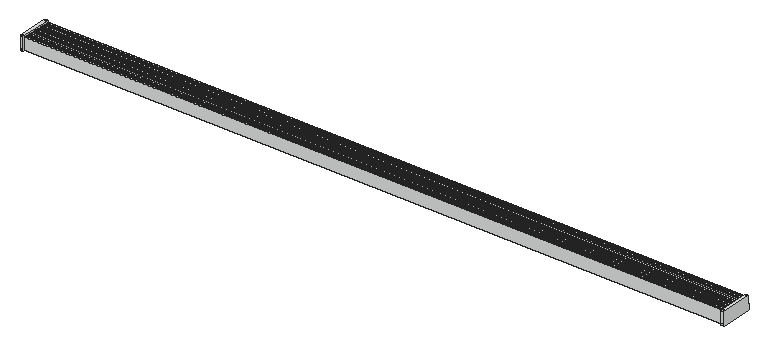
Revit family "Shower-Drain_Cover-KOHLER-Linear-K-80655", category Specialty Equipment, host Face, Revit 2017 (continued)
Definition of nested family "K-80655"
  Lines and regions (in)
    symbolic lines, detail levels medium+fine
      curve 1286: line (-9.63268, -0.05, 0) -> (-8.96988, -0.05, 0)
      curve 1287: line (-8.85806, 0.05, 0) -> (-8.85806, 0.19, 0)
      curve 1288: line (-8.29438, 1.15, 0) -> (-8.75866, 1.15, 0)
      curve 1289: line (-8.19526, 1.05088, 0) -> (-8.19526, 1.01, 0)
      curve 1290: arc (-8.19526, 1.05088, 0) -> (-8.22429, 1.12097, 0) -> (-8.29438, 1.15, 0) r 0.09912
      curve 1291: line (-8.19526, 0.91, 0) -> (-8.85806, 0.91, 0)
      curve 1292: line (-8.85806, 1.01, 0) -> (-8.19526, 1.01, 0)
      curve 1293: line (-8.19526, 0.91, 0) -> (-8.19526, 0.77, 0)
      curve 1294: line (-8.19526, 0.67, 0) -> (-8.19526, 0.53, 0)
      curve 1295: line (-8.85806, 0.77, 0) -> (-8.19526, 0.77, 0)
      curve 1296: line (-8.85806, 0.77, 0) -> (-8.85806, 0.91, 0)
      curve 1297: line (-8.85806, 0.67, 0) -> (-8.19526, 0.67, 0)
      curve 1298: line (-8.85806, 0.53, 0) -> (-8.19526, 0.53, 0)
      curve 1299: line (-8.19526, 0.43, 0) -> (-8.19526, 0.29, 0)
      curve 1300: line (-8.85806, 0.53, 0) -> (-8.85806, 0.67, 0)
      curve 1301: line (-8.85806, 0.29, 0) -> (-8.85806, 0.43, 0)
      curve 1302: line (-8.19526, 0.19, 0) -> (-8.19526, 0.05, 0)
      curve 1303: line (-8.85806, 0.29, 0) -> (-8.19526, 0.29, 0)
      curve 1304: line (-8.85806, 0.43, 0) -> (-8.19526, 0.43, 0)
      curve 1305: line (-8.85806, 0.19, 0) -> (-8.19526, 0.19, 0)
      curve 1306: line (-8.85806, 0.05, 0) -> (-8.19526, 0.05, 0)
      curve 1307: line (-8.85806, -0.05, 0) -> (-8.85806, -0.19, 0)
      curve 1308: line (-8.29438, -1.15, 0) -> (-8.75487, -1.15, 0)
      curve 1309: line (-8.19526, -1.05088, 0) -> (-8.19526, -1.01, 0)
      curve 1310: arc (-8.19526, -1.05088, 0) -> (-8.22429, -1.12097, 0) -> (-8.29438, -1.15, 0) r 0.09912
      curve 1311: line (-8.19526, -0.91, 0) -> (-8.85806, -0.91, 0)
      curve 1312: line (-8.85806, -1.01, 0) -> (-8.19526, -1.01, 0)
      curve 1313: line (-8.19526, -0.91, 0) -> (-8.19526, -0.77, 0)
      curve 1314: line (-8.19526, -0.67, 0) -> (-8.19526, -0.53, 0)
      curve 1315: line (-8.85806, -0.77, 0) -> (-8.19526, -0.77, 0)
      curve 1316: line (-8.85806, -0.77, 0) -> (-8.85806, -0.91, 0)
      curve 1317: line (-8.85806, -0.67, 0) -> (-8.19526, -0.67, 0)
      curve 1318: line (-8.85806, -0.53, 0) -> (-8.19526, -0.53, 0)
      curve 1319: line (-8.19526, -0.43, 0) -> (-8.19526, -0.29, 0)
      curve 1320: line (-8.85806, -0.53, 0) -> (-8.85806, -0.67, 0)
      curve 1321: line (-8.85806, -0.29, 0) -> (-8.85806, -0.43, 0)
      curve 1322: line (-8.19526, -0.19, 0) -> (-8.19526, -0.05, 0)
      curve 1323: line (-8.85806, -0.29, 0) -> (-8.19526, -0.29, 0)
      curve 1324: line (-8.85806, -0.43, 0) -> (-8.19526, -0.43, 0)
      curve 1325: line (-8.85806, -0.19, 0) -> (-8.19526, -0.19, 0)
      curve 1326: line (-8.85806, -0.05, 0) -> (-8.19526, -0.05, 0)
      curve 1327: line (-8.85806, 1.01, 0) -> (-8.85806, 1.05059, 0)
      curve 1328: arc (-8.85806, 1.05059, 0) -> (-8.82895, 1.12088, 0) -> (-8.75866, 1.15, 0) r 0.09941
      curve 1329: line (-8.85806, -1.01, 0) -> (-8.85806, -1.04681, 0)
      curve 1330: arc (-8.85806, -1.04681, 0) -> (-8.82784, -1.11978, 0) -> (-8.75487, -1.15, 0) r 0.10319
      curve 1331: line (-8.083, 0.05, 0) -> (-8.083, 0.19, 0)
      curve 1332: line (-7.51932, 1.15, 0) -> (-7.98359, 1.15, 0)
      curve 1333: line (-7.4202, 1.05088, 0) -> (-7.4202, 1.01, 0)
      curve 1334: arc (-7.4202, 1.05088, 0) -> (-7.44923, 1.12097, 0) -> (-7.51932, 1.15, 0) r 0.09912
      curve 1335: line (-7.4202, 0.91, 0) -> (-8.083, 0.91, 0)
      curve 1336: line (-8.083, 1.01, 0) -> (-7.4202, 1.01, 0)
      curve 1337: line (-7.4202, 0.91, 0) -> (-7.4202, 0.77, 0)
      curve 1338: line (-7.4202, 0.67, 0) -> (-7.4202, 0.53, 0)
      curve 1339: line (-8.083, 0.77, 0) -> (-7.4202, 0.77, 0)
      curve 1340: line (-8.083, 0.77, 0) -> (-8.083, 0.91, 0)
      curve 1341: line (-8.083, 0.67, 0) -> (-7.4202, 0.67, 0)
      curve 1342: line (-8.083, 0.53, 0) -> (-7.4202, 0.53, 0)
      curve 1343: line (-7.4202, 0.43, 0) -> (-7.4202, 0.29, 0)
      curve 1344: line (-8.083, 0.53, 0) -> (-8.083, 0.67, 0)
      curve 1345: line (-8.083, 0.29, 0) -> (-8.083, 0.43, 0)
      curve 1346: line (-7.4202, 0.19, 0) -> (-7.4202, 0.05, 0)
      curve 1347: line (-8.083, 0.29, 0) -> (-7.4202, 0.29, 0)
      curve 1348: line (-8.083, 0.43, 0) -> (-7.4202, 0.43, 0)
      curve 1349: line (-8.083, 0.19, 0) -> (-7.4202, 0.19, 0)
      curve 1350: line (-8.083, 0.05, 0) -> (-7.4202, 0.05, 0)
      curve 1351: line (-8.083, -0.05, 0) -> (-8.083, -0.19, 0)
      curve 1352: line (-7.51932, -1.15, 0) -> (-7.9798, -1.15, 0)
      curve 1353: line (-7.4202, -1.05088, 0) -> (-7.4202, -1.01, 0)
      curve 1354: arc (-7.4202, -1.05088, 0) -> (-7.44923, -1.12097, 0) -> (-7.51932, -1.15, 0) r 0.09912
      curve 1355: line (-7.4202, -0.91, 0) -> (-8.083, -0.91, 0)
      curve 1356: line (-8.083, -1.01, 0) -> (-7.4202, -1.01, 0)
      curve 1357: line (-7.4202, -0.91, 0) -> (-7.4202, -0.77, 0)
      curve 1358: line (-7.4202, -0.67, 0) -> (-7.4202, -0.53, 0)
      curve 1359: line (-8.083, -0.77, 0) -> (-7.4202, -0.77, 0)
      curve 1360: line (-8.083, -0.77, 0) -> (-8.083, -0.91, 0)
      curve 1361: line (-8.083, -0.67, 0) -> (-7.4202, -0.67, 0)
      curve 1362: line (-8.083, -0.53, 0) -> (-7.4202, -0.53, 0)
      curve 1363: line (-7.4202, -0.43, 0) -> (-7.4202, -0.29, 0)
      curve 1364: line (-8.083, -0.53, 0) -> (-8.083, -0.67, 0)
      curve 1365: line (-8.083, -0.29, 0) -> (-8.083, -0.43, 0)
      curve 1366: line (-7.4202, -0.19, 0) -> (-7.4202, -0.05, 0)
      curve 1367: line (-8.083, -0.29, 0) -> (-7.4202, -0.29, 0)
      curve 1368: line (-8.083, -0.43, 0) -> (-7.4202, -0.43, 0)
      curve 1369: line (-8.083, -0.19, 0) -> (-7.4202, -0.19, 0)
      curve 1370: line (-8.083, -0.05, 0) -> (-7.4202, -0.05, 0)
      curve 1371: line (-8.083, 1.01, 0) -> (-8.083, 1.05059, 0)
      curve 1372: arc (-8.083, 1.05059, 0) -> (-8.05388, 1.12088, 0) -> (-7.98359, 1.15, 0) r 0.09941
      curve 1373: line (-8.083, -1.01, 0) -> (-8.083, -1.04681, 0)
      curve 1374: arc (-8.083, -1.04681, 0) -> (-8.05277, -1.11978, 0) -> (-7.9798, -1.15, 0) r 0.10319
      curve 1375: line (-7.30747, 0.05, 0) -> (-7.30747, 0.19, 0)
      curve 1376: line (-6.74379, 1.15, 0) -> (-7.20806, 1.15, 0)
      curve 1377: line (-6.64467, 1.05088, 0) -> (-6.64467, 1.01, 0)
      curve 1378: arc (-6.64467, 1.05088, 0) -> (-6.6737, 1.12097, 0) -> (-6.74379, 1.15, 0) r 0.09912
      curve 1379: line (-6.64467, 0.91, 0) -> (-7.30747, 0.91, 0)
      curve 1380: line (-7.30747, 1.01, 0) -> (-6.64467, 1.01, 0)
      curve 1381: line (-6.64467, 0.91, 0) -> (-6.64467, 0.77, 0)
      curve 1382: line (-6.64467, 0.67, 0) -> (-6.64467, 0.53, 0)
      curve 1383: line (-7.30747, 0.77, 0) -> (-6.64467, 0.77, 0)
      curve 1384: line (-7.30747, 0.77, 0) -> (-7.30747, 0.91, 0)
      curve 1385: line (-7.30747, 0.67, 0) -> (-6.64467, 0.67, 0)
      curve 1386: line (-7.30747, 0.53, 0) -> (-6.64467, 0.53, 0)
      curve 1387: line (-6.64467, 0.43, 0) -> (-6.64467, 0.29, 0)
      curve 1388: line (-7.30747, 0.53, 0) -> (-7.30747, 0.67, 0)
      curve 1389: line (-7.30747, 0.29, 0) -> (-7.30747, 0.43, 0)
      curve 1390: line (-6.64467, 0.19, 0) -> (-6.64467, 0.05, 0)
      curve 1391: line (-7.30747, 0.29, 0) -> (-6.64467, 0.29, 0)
      curve 1392: line (-7.30747, 0.43, 0) -> (-6.64467, 0.43, 0)
      curve 1393: line (-7.30747, 0.19, 0) -> (-6.64467, 0.19, 0)
      curve 1394: line (-7.30747, 0.05, 0) -> (-6.64467, 0.05, 0)
      curve 1395: line (-7.30747, -0.05, 0) -> (-7.30747, -0.19, 0)
      curve 1396: line (-6.74379, -1.15, 0) -> (-7.20427, -1.15, 0)
      curve 1397: line (-6.64467, -1.05088, 0) -> (-6.64467, -1.01, 0)
      curve 1398: arc (-6.64467, -1.05088, 0) -> (-6.6737, -1.12097, 0) -> (-6.74379, -1.15, 0) r 0.09912
      curve 1399: line (-6.64467, -0.91, 0) -> (-7.30747, -0.91, 0)
      curve 1400: line (-7.30747, -1.01, 0) -> (-6.64467, -1.01, 0)
      curve 1401: line (-6.64467, -0.91, 0) -> (-6.64467, -0.77, 0)
      curve 1402: line (-6.64467, -0.67, 0) -> (-6.64467, -0.53, 0)
      curve 1403: line (-7.30747, -0.77, 0) -> (-6.64467, -0.77, 0)
      curve 1404: line (-7.30747, -0.77, 0) -> (-7.30747, -0.91, 0)
      curve 1405: line (-7.30747, -0.67, 0) -> (-6.64467, -0.67, 0)
      curve 1406: line (-7.30747, -0.53, 0) -> (-6.64467, -0.53, 0)
      curve 1407: line (-6.64467, -0.43, 0) -> (-6.64467, -0.29, 0)
      curve 1408: line (-7.30747, -0.53, 0) -> (-7.30747, -0.67, 0)
      curve 1409: line (-7.30747, -0.29, 0) -> (-7.30747, -0.43, 0)
      curve 1410: line (-6.64467, -0.19, 0) -> (-6.64467, -0.05, 0)
      curve 1411: line (-7.30747, -0.29, 0) -> (-6.64467, -0.29, 0)
      curve 1412: line (-7.30747, -0.43, 0) -> (-6.64467, -0.43, 0)
      curve 1413: line (-7.30747, -0.19, 0) -> (-6.64467, -0.19, 0)
      curve 1414: line (-7.30747, -0.05, 0) -> (-6.64467, -0.05, 0)
      curve 1415: line (-7.30747, 1.01, 0) -> (-7.30747, 1.05059, 0)
      curve 1416: arc (-7.30747, 1.05059, 0) -> (-7.27835, 1.12088, 0) -> (-7.20806, 1.15, 0) r 0.09941
      curve 1417: line (-7.30747, -1.01, 0) -> (-7.30747, -1.04681, 0)
      curve 1418: arc (-7.30747, -1.04681, 0) -> (-7.27724, -1.11978, 0) -> (-7.20427, -1.15, 0) r 0.10319
      curve 1419: line (-5.87023, 0.05, 0) -> (-5.87023, 0.19, 0)
      curve 1420: arc (-5.87023, 0.83109, 0) -> (-5.88197, 0.87565, 0) -> (-5.91268, 0.91, 0) r 0.09854
      curve 1421: arc (-5.97759, 1.01, 0) -> (-5.98052, 1.02893, 0) -> (-5.98127, 1.04807, 0) r 0.16707
      curve 1422: line (-6.43391, 1.15, 0) -> (-6.08134, 1.15, 0)
      curve 1423: arc (-6.53303, 1.05088, 0) -> (-6.504, 1.12097, 0) -> (-6.43391, 1.15, 0) r 0.09912
      curve 1424: arc (-6.08134, 1.15, 0) -> (-6.00992, 1.12003, 0) -> (-5.98127, 1.04807, 0) r 0.10009
      curve 1425: arc (-5.72688, 1.01, 0) -> (-5.81423, 1.13911, 0) -> (-5.90159, 1.01, 0) r 0.09411
      curve 1426: line (-5.75823, 0.05, 0) -> (-5.75823, 0.19, 0)
      curve 1427: arc (-5.75823, 0.83109, 0) -> (-5.74649, 0.87565, 0) -> (-5.71578, 0.91, 0) r 0.09854
      curve 1428: arc (-5.65087, 1.01, 0) -> (-5.64794, 1.02893, 0) -> (-5.64719, 1.04807, 0) r 0.16707
      curve 1429: line (-5.19455, 1.15, 0) -> (-5.54712, 1.15, 0)
      curve 1430: line (-5.09543, 1.05088, 0) -> (-5.09543, 1.01, 0)
      curve 1431: arc (-5.09543, 1.05088, 0) -> (-5.12446, 1.12097, 0) -> (-5.19455, 1.15, 0) r 0.09912
      curve 1432: arc (-5.54712, 1.15, 0) -> (-5.61854, 1.12003, 0) -> (-5.64719, 1.04807, 0) r 0.10009
      curve 1433: line (-5.09543, 0.91, 0) -> (-5.71578, 0.91, 0)
      curve 1434: line (-6.53303, 0.05, 0) -> (-6.53303, 0.19, 0)
      curve 1435: line (-6.53303, 1.01, 0) -> (-5.97759, 1.01, 0)
      curve 1436: line (-5.65087, 1.01, 0) -> (-5.09543, 1.01, 0)
      curve 1437: line (-5.90159, 1.01, 0) -> (-5.72688, 1.01, 0)
      curve 1438: line (-6.53303, 1.01, 0) -> (-6.53303, 1.05088, 0)
      curve 1439: line (-5.09543, 0.91, 0) -> (-5.09543, 0.77, 0)
      curve 1440: line (-6.53303, 0.77, 0) -> (-5.87023, 0.77, 0)
      curve 1441: line (-5.91268, 0.91, 0) -> (-6.53303, 0.91, 0)
      curve 1442: line (-5.09543, 0.67, 0) -> (-5.09543, 0.53, 0)
      curve 1443: line (-5.75823, 0.77, 0) -> (-5.09543, 0.77, 0)
      curve 1444: line (-5.87023, 0.77, 0) -> (-5.87023, 0.83109, 0)
      curve 1445: line (-5.75823, 0.77, 0) -> (-5.75823, 0.83109, 0)
      curve 1446: line (-6.53303, 0.77, 0) -> (-6.53303, 0.91, 0)
      curve 1447: line (-6.53303, 0.67, 0) -> (-5.87023, 0.67, 0)
      curve 1448: line (-6.53303, 0.53, 0) -> (-5.87023, 0.53, 0)
      curve 1449: line (-5.75823, 0.67, 0) -> (-5.09543, 0.67, 0)
      curve 1450: line (-5.75823, 0.53, 0) -> (-5.09543, 0.53, 0)
      curve 1451: line (-6.53303, 0.53, 0) -> (-6.53303, 0.67, 0)
      curve 1452: line (-5.09543, 0.43, 0) -> (-5.09543, 0.29, 0)
      curve 1453: line (-5.75823, 0.53, 0) -> (-5.75823, 0.67, 0)
      curve 1454: line (-5.87023, 0.53, 0) -> (-5.87023, 0.67, 0)
      curve 1455: line (-6.53303, 0.43, 0) -> (-5.87023, 0.43, 0)
      curve 1456: line (-6.53303, 0.29, 0) -> (-5.87023, 0.29, 0)
      curve 1457: line (-6.53303, 0.29, 0) -> (-6.53303, 0.43, 0)
      curve 1458: line (-5.87023, 0.29, 0) -> (-5.87023, 0.43, 0)
      curve 1459: line (-5.75823, 0.29, 0) -> (-5.75823, 0.43, 0)
      curve 1460: line (-5.09543, 0.19, 0) -> (-5.09543, 0.05, 0)
      curve 1461: line (-5.75823, 0.29, 0) -> (-5.09543, 0.29, 0)
      curve 1462: line (-5.75823, 0.43, 0) -> (-5.09543, 0.43, 0)
      curve 1463: line (-6.53303, 0.19, 0) -> (-5.87023, 0.19, 0)
      curve 1464: line (-6.53303, 0.05, 0) -> (-5.87023, 0.05, 0)
      curve 1465: line (-5.75823, 0.19, 0) -> (-5.09543, 0.19, 0)
      curve 1466: line (-5.75823, 0.05, 0) -> (-5.09543, 0.05, 0)
      curve 1467: line (-5.87023, -0.05, 0) -> (-5.87023, -0.19, 0)
      curve 1468: arc (-5.87023, -0.83109, 0) -> (-5.88197, -0.87565, 0) -> (-5.91268, -0.91, 0) r 0.09854
      curve 1469: arc (-5.97759, -1.01, 0) -> (-5.98052, -1.02893, 0) -> (-5.98127, -1.04807, 0) r 0.16707
      curve 1470: line (-6.43391, -1.15, 0) -> (-6.08134, -1.15, 0)
      curve 1471: arc (-6.53303, -1.05088, 0) -> (-6.504, -1.12097, 0) -> (-6.43391, -1.15, 0) r 0.09912
      curve 1472: arc (-6.08134, -1.15, 0) -> (-6.00992, -1.12003, 0) -> (-5.98127, -1.04807, 0) r 0.10009
      curve 1473: arc (-5.72688, -1.01, 0) -> (-5.81423, -1.13911, 0) -> (-5.90159, -1.01, 0) r 0.09411
      curve 1474: line (-5.75823, -0.05, 0) -> (-5.75823, -0.19, 0)
      curve 1475: arc (-5.75823, -0.83109, 0) -> (-5.74649, -0.87565, 0) -> (-5.71578, -0.91, 0) r 0.09854
      curve 1476: arc (-5.65087, -1.01, 0) -> (-5.64794, -1.02893, 0) -> (-5.64719, -1.04807, 0) r 0.16707
      curve 1477: line (-5.19455, -1.15, 0) -> (-5.54712, -1.15, 0)
      curve 1478: line (-5.09543, -1.05088, 0) -> (-5.09543, -1.01, 0)
      curve 1479: arc (-5.09543, -1.05088, 0) -> (-5.12446, -1.12097, 0) -> (-5.19455, -1.15, 0) r 0.09912
      curve 1480: arc (-5.54712, -1.15, 0) -> (-5.61854, -1.12003, 0) -> (-5.64719, -1.04807, 0) r 0.10009
      curve 1481: line (-5.09543, -0.91, 0) -> (-5.71578, -0.91, 0)
      curve 1482: line (-6.53303, -0.05, 0) -> (-6.53303, -0.19, 0)
      curve 1483: line (-6.53303, -1.01, 0) -> (-5.97759, -1.01, 0)
      curve 1484: line (-5.65087, -1.01, 0) -> (-5.09543, -1.01, 0)
      curve 1485: line (-5.90159, -1.01, 0) -> (-5.72688, -1.01, 0)
      curve 1486: line (-6.53303, -1.01, 0) -> (-6.53303, -1.05088, 0)
      curve 1487: line (-5.09543, -0.91, 0) -> (-5.09543, -0.77, 0)
      curve 1488: line (-6.53303, -0.77, 0) -> (-5.87023, -0.77, 0)
      curve 1489: line (-5.91268, -0.91, 0) -> (-6.53303, -0.91, 0)
      curve 1490: line (-5.09543, -0.67, 0) -> (-5.09543, -0.53, 0)
      curve 1491: line (-5.75823, -0.77, 0) -> (-5.09543, -0.77, 0)
      curve 1492: line (-5.87023, -0.77, 0) -> (-5.87023, -0.83109, 0)
      curve 1493: line (-5.75823, -0.77, 0) -> (-5.75823, -0.83109, 0)
      curve 1494: line (-6.53303, -0.77, 0) -> (-6.53303, -0.91, 0)
      curve 1495: line (-6.53303, -0.67, 0) -> (-5.87023, -0.67, 0)
      curve 1496: line (-6.53303, -0.53, 0) -> (-5.87023, -0.53, 0)
      curve 1497: line (-5.75823, -0.67, 0) -> (-5.09543, -0.67, 0)
      curve 1498: line (-5.75823, -0.53, 0) -> (-5.09543, -0.53, 0)
      curve 1499: line (-6.53303, -0.53, 0) -> (-6.53303, -0.67, 0)
      curve 1500: line (-5.09543, -0.43, 0) -> (-5.09543, -0.29, 0)
      curve 1501: line (-5.75823, -0.53, 0) -> (-5.75823, -0.67, 0)
      curve 1502: line (-5.87023, -0.53, 0) -> (-5.87023, -0.67, 0)
      curve 1503: line (-6.53303, -0.43, 0) -> (-5.87023, -0.43, 0)
      curve 1504: line (-6.53303, -0.29, 0) -> (-5.87023, -0.29, 0)
      curve 1505: line (-6.53303, -0.29, 0) -> (-6.53303, -0.43, 0)
      curve 1506: line (-5.87023, -0.29, 0) -> (-5.87023, -0.43, 0)
      curve 1507: line (-5.75823, -0.29, 0) -> (-5.75823, -0.43, 0)
      curve 1508: line (-5.09543, -0.19, 0) -> (-5.09543, -0.05, 0)
      curve 1509: line (-5.75823, -0.29, 0) -> (-5.09543, -0.29, 0)
      curve 1510: line (-5.75823, -0.43, 0) -> (-5.09543, -0.43, 0)
      curve 1511: line (-6.53303, -0.19, 0) -> (-5.87023, -0.19, 0)
      curve 1512: line (-6.53303, -0.05, 0) -> (-5.87023, -0.05, 0)
      curve 1513: line (-5.75823, -0.19, 0) -> (-5.09543, -0.19, 0)
      curve 1514: line (-5.75823, -0.05, 0) -> (-5.09543, -0.05, 0)
      curve 1515: line (-4.98361, 0.05, 0) -> (-4.98361, 0.19, 0)
      curve 1516: line (-4.41993, 1.15, 0) -> (-4.8842, 1.15, 0)
      curve 1517: line (-4.32081, 1.05088, 0) -> (-4.32081, 1.01, 0)
      curve 1518: arc (-4.32081, 1.05088, 0) -> (-4.34984, 1.12097, 0) -> (-4.41993, 1.15, 0) r 0.09912
      curve 1519: line (-4.32081, 0.91, 0) -> (-4.98361, 0.91, 0)
      curve 1520: line (-4.98361, 1.01, 0) -> (-4.32081, 1.01, 0)
      curve 1521: line (-4.32081, 0.91, 0) -> (-4.32081, 0.77, 0)
      curve 1522: line (-4.32081, 0.67, 0) -> (-4.32081, 0.53, 0)
      curve 1523: line (-4.98361, 0.77, 0) -> (-4.32081, 0.77, 0)
      curve 1524: line (-4.98361, 0.77, 0) -> (-4.98361, 0.91, 0)
      curve 1525: line (-4.98361, 0.67, 0) -> (-4.32081, 0.67, 0)
      curve 1526: line (-4.98361, 0.53, 0) -> (-4.32081, 0.53, 0)
      curve 1527: line (-4.32081, 0.43, 0) -> (-4.32081, 0.29, 0)
      curve 1528: line (-4.98361, 0.53, 0) -> (-4.98361, 0.67, 0)
      curve 1529: line (-4.98361, 0.29, 0) -> (-4.98361, 0.43, 0)
      curve 1530: line (-4.32081, 0.19, 0) -> (-4.32081, 0.05, 0)
      curve 1531: line (-4.98361, 0.29, 0) -> (-4.32081, 0.29, 0)
      curve 1532: line (-4.98361, 0.43, 0) -> (-4.32081, 0.43, 0)
      curve 1533: line (-4.98361, 0.19, 0) -> (-4.32081, 0.19, 0)
      curve 1534: line (-4.98361, 0.05, 0) -> (-4.32081, 0.05, 0)
      curve 1535: line (-4.98361, -0.05, 0) -> (-4.98361, -0.19, 0)
      curve 1536: line (-4.41993, -1.15, 0) -> (-4.88042, -1.15, 0)
      curve 1537: line (-4.32081, -1.05088, 0) -> (-4.32081, -1.01, 0)
      curve 1538: arc (-4.32081, -1.05088, 0) -> (-4.34984, -1.12097, 0) -> (-4.41993, -1.15, 0) r 0.09912
      curve 1539: line (-4.32081, -0.91, 0) -> (-4.98361, -0.91, 0)
      curve 1540: line (-4.98361, -1.01, 0) -> (-4.32081, -1.01, 0)
      curve 1541: line (-4.32081, -0.91, 0) -> (-4.32081, -0.77, 0)
      curve 1542: line (-4.32081, -0.67, 0) -> (-4.32081, -0.53, 0)
      curve 1543: line (-4.98361, -0.77, 0) -> (-4.32081, -0.77, 0)
      curve 1544: line (-4.98361, -0.77, 0) -> (-4.98361, -0.91, 0)
      curve 1545: line (-4.98361, -0.67, 0) -> (-4.32081, -0.67, 0)
      curve 1546: line (-4.98361, -0.53, 0) -> (-4.32081, -0.53, 0)
      curve 1547: line (-4.32081, -0.43, 0) -> (-4.32081, -0.29, 0)
      curve 1548: line (-4.98361, -0.53, 0) -> (-4.98361, -0.67, 0)
      curve 1549: line (-4.98361, -0.29, 0) -> (-4.98361, -0.43, 0)
      curve 1550: line (-4.32081, -0.19, 0) -> (-4.32081, -0.05, 0)
      curve 1551: line (-4.98361, -0.29, 0) -> (-4.32081, -0.29, 0)
      curve 1552: line (-4.98361, -0.43, 0) -> (-4.32081, -0.43, 0)
      curve 1553: line (-4.98361, -0.19, 0) -> (-4.32081, -0.19, 0)
      curve 1554: line (-4.98361, -0.05, 0) -> (-4.32081, -0.05, 0)
      curve 1555: line (-4.98361, 1.01, 0) -> (-4.98361, 1.05059, 0)
      curve 1556: arc (-4.98361, 1.05059, 0) -> (-4.95449, 1.12088, 0) -> (-4.8842, 1.15, 0) r 0.09941
      curve 1557: line (-4.98361, -1.01, 0) -> (-4.98361, -1.04681, 0)
      curve 1558: arc (-4.98361, -1.04681, 0) -> (-4.95339, -1.11978, 0) -> (-4.88042, -1.15, 0) r 0.10319
      curve 1559: line (-4.20855, 0.05, 0) -> (-4.20855, 0.19, 0)
      curve 1560: line (-3.64487, 1.15, 0) -> (-4.10914, 1.15, 0)
      curve 1561: line (-3.54575, 1.05088, 0) -> (-3.54575, 1.01, 0)
      curve 1562: arc (-3.54575, 1.05088, 0) -> (-3.57478, 1.12097, 0) -> (-3.64487, 1.15, 0) r 0.09912
      curve 1563: line (-3.54575, 0.91, 0) -> (-4.20855, 0.91, 0)
      curve 1564: line (-4.20855, 1.01, 0) -> (-3.54575, 1.01, 0)
      curve 1565: line (-3.54575, 0.91, 0) -> (-3.54575, 0.77, 0)
      curve 1566: line (-3.54575, 0.67, 0) -> (-3.54575, 0.53, 0)
      curve 1567: line (-4.20855, 0.77, 0) -> (-3.54575, 0.77, 0)
      curve 1568: line (-4.20855, 0.77, 0) -> (-4.20855, 0.91, 0)
      curve 1569: line (-4.20855, 0.67, 0) -> (-3.54575, 0.67, 0)
      curve 1570: line (-4.20855, 0.53, 0) -> (-3.54575, 0.53, 0)
      curve 1571: line (-3.54575, 0.43, 0) -> (-3.54575, 0.29, 0)
      curve 1572: line (-4.20855, 0.53, 0) -> (-4.20855, 0.67, 0)
      curve 1573: line (-4.20855, 0.29, 0) -> (-4.20855, 0.43, 0)
      curve 1574: line (-3.54575, 0.19, 0) -> (-3.54575, 0.05, 0)
      curve 1575: line (-4.20855, 0.29, 0) -> (-3.54575, 0.29, 0)
      curve 1576: line (-4.20855, 0.43, 0) -> (-3.54575, 0.43, 0)
      curve 1577: line (-4.20855, 0.19, 0) -> (-3.54575, 0.19, 0)
      curve 1578: line (-4.20855, 0.05, 0) -> (-3.54575, 0.05, 0)
      curve 1579: line (-4.20855, -0.05, 0) -> (-4.20855, -0.19, 0)
      curve 1580: line (-3.64487, -1.15, 0) -> (-4.10535, -1.15, 0)
      curve 1581: line (-3.54575, -1.05088, 0) -> (-3.54575, -1.01, 0)
      curve 1582: arc (-3.54575, -1.05088, 0) -> (-3.57478, -1.12097, 0) -> (-3.64487, -1.15, 0) r 0.09912
      curve 1583: line (-3.54575, -0.91, 0) -> (-4.20855, -0.91, 0)
      curve 1584: line (-4.20855, -1.01, 0) -> (-3.54575, -1.01, 0)
      curve 1585: line (-3.54575, -0.91, 0) -> (-3.54575, -0.77, 0)
      curve 1586: line (-3.54575, -0.67, 0) -> (-3.54575, -0.53, 0)
      curve 1587: line (-4.20855, -0.77, 0) -> (-3.54575, -0.77, 0)
      curve 1588: line (-4.20855, -0.77, 0) -> (-4.20855, -0.91, 0)
      curve 1589: line (-4.20855, -0.67, 0) -> (-3.54575, -0.67, 0)
      curve 1590: line (-4.20855, -0.53, 0) -> (-3.54575, -0.53, 0)
      curve 1591: line (-3.54575, -0.43, 0) -> (-3.54575, -0.29, 0)
      curve 1592: line (-4.20855, -0.53, 0) -> (-4.20855, -0.67, 0)
      curve 1593: line (-4.20855, -0.29, 0) -> (-4.20855, -0.43, 0)
      curve 1594: line (-3.54575, -0.19, 0) -> (-3.54575, -0.05, 0)
      curve 1595: line (-4.20855, -0.29, 0) -> (-3.54575, -0.29, 0)
      curve 1596: line (-4.20855, -0.43, 0) -> (-3.54575, -0.43, 0)
      curve 1597: line (-4.20855, -0.19, 0) -> (-3.54575, -0.19, 0)
      curve 1598: line (-4.20855, -0.05, 0) -> (-3.54575, -0.05, 0)
      curve 1599: line (-4.20855, 1.01, 0) -> (-4.20855, 1.05059, 0)
      curve 1600: arc (-4.20855, 1.05059, 0) -> (-4.17943, 1.12088, 0) -> (-4.10914, 1.15, 0) r 0.09941
      curve 1601: line (-4.20855, -1.01, 0) -> (-4.20855, -1.04681, 0)
      curve 1602: arc (-4.20855, -1.04681, 0) -> (-4.17832, -1.11978, 0) -> (-4.10535, -1.15, 0) r 0.10319
      curve 1603: line (-3.43301, 0.05, 0) -> (-3.43301, 0.19, 0)
      curve 1604: line (-2.86933, 1.15, 0) -> (-3.33361, 1.15, 0)
      curve 1605: line (-2.77021, 1.05088, 0) -> (-2.77021, 1.01, 0)
      curve 1606: arc (-2.77021, 1.05088, 0) -> (-2.79924, 1.12097, 0) -> (-2.86933, 1.15, 0) r 0.09912
      curve 1607: line (-2.77021, 0.91, 0) -> (-3.43301, 0.91, 0)
      curve 1608: line (-3.43301, 1.01, 0) -> (-2.77021, 1.01, 0)
      curve 1609: line (-2.77021, 0.91, 0) -> (-2.77021, 0.77, 0)
      curve 1610: line (-2.77021, 0.67, 0) -> (-2.77021, 0.53, 0)
      curve 1611: line (-3.43301, 0.77, 0) -> (-2.77021, 0.77, 0)
      curve 1612: line (-3.43301, 0.77, 0) -> (-3.43301, 0.91, 0)
      curve 1613: line (-3.43301, 0.67, 0) -> (-2.77021, 0.67, 0)
      curve 1614: line (-3.43301, 0.53, 0) -> (-2.77021, 0.53, 0)
      curve 1615: line (-2.77021, 0.43, 0) -> (-2.77021, 0.29, 0)
      curve 1616: line (-3.43301, 0.53, 0) -> (-3.43301, 0.67, 0)
      curve 1617: line (-3.43301, 0.29, 0) -> (-3.43301, 0.43, 0)
      curve 1618: line (-2.77021, 0.19, 0) -> (-2.77021, 0.05, 0)
      curve 1619: line (-3.43301, 0.29, 0) -> (-2.77021, 0.29, 0)
      curve 1620: line (-3.43301, 0.43, 0) -> (-2.77021, 0.43, 0)
      curve 1621: line (-3.43301, 0.19, 0) -> (-2.77021, 0.19, 0)
      curve 1622: line (-3.43301, 0.05, 0) -> (-2.77021, 0.05, 0)
      curve 1623: line (-3.43301, -0.05, 0) -> (-3.43301, -0.19, 0)
      curve 1624: line (-2.86933, -1.15, 0) -> (-3.32982, -1.15, 0)
      curve 1625: line (-2.77021, -1.05088, 0) -> (-2.77021, -1.01, 0)
      curve 1626: arc (-2.77021, -1.05088, 0) -> (-2.79924, -1.12097, 0) -> (-2.86933, -1.15, 0) r 0.09912
      curve 1627: line (-2.77021, -0.91, 0) -> (-3.43301, -0.91, 0)
      curve 1628: line (-3.43301, -1.01, 0) -> (-2.77021, -1.01, 0)
      curve 1629: line (-2.77021, -0.91, 0) -> (-2.77021, -0.77, 0)
      curve 1630: line (-2.77021, -0.67, 0) -> (-2.77021, -0.53, 0)
      curve 1631: line (-3.43301, -0.77, 0) -> (-2.77021, -0.77, 0)
      curve 1632: line (-3.43301, -0.77, 0) -> (-3.43301, -0.91, 0)
      curve 1633: line (-3.43301, -0.67, 0) -> (-2.77021, -0.67, 0)
      curve 1634: line (-3.43301, -0.53, 0) -> (-2.77021, -0.53, 0)
      curve 1635: line (-2.77021, -0.43, 0) -> (-2.77021, -0.29, 0)
      curve 1636: line (-3.43301, -0.53, 0) -> (-3.43301, -0.67, 0)
      curve 1637: line (-3.43301, -0.29, 0) -> (-3.43301, -0.43, 0)
      curve 1638: line (-2.77021, -0.19, 0) -> (-2.77021, -0.05, 0)
      curve 1639: line (-3.43301, -0.29, 0) -> (-2.77021, -0.29, 0)
      curve 1640: line (-3.43301, -0.43, 0) -> (-2.77021, -0.43, 0)
      curve 1641: line (-3.43301, -0.19, 0) -> (-2.77021, -0.19, 0)
      curve 1642: line (-3.43301, -0.05, 0) -> (-2.77021, -0.05, 0)
      curve 1643: line (-3.43301, 1.01, 0) -> (-3.43301, 1.05059, 0)
      curve 1644: arc (-3.43301, 1.05059, 0) -> (-3.4039, 1.12088, 0) -> (-3.33361, 1.15, 0) r 0.09941
      curve 1645: line (-3.43301, -1.01, 0) -> (-3.43301, -1.04681, 0)
      curve 1646: arc (-3.43301, -1.04681, 0) -> (-3.40279, -1.11978, 0) -> (-3.32982, -1.15, 0) r 0.10319
      curve 1647: line (-1.99286, 0.05, 0) -> (-1.99286, 0.19, 0)
      curve 1648: arc (-1.99286, 0.83109, 0) -> (-2.0046, 0.87565, 0) -> (-2.03531, 0.91, 0) r 0.09854
      curve 1649: arc (-2.10022, 1.01, 0) -> (-2.10315, 1.02893, 0) -> (-2.1039, 1.04807, 0) r 0.16707
      curve 1650: line (-2.55654, 1.15, 0) -> (-2.20397, 1.15, 0)
      curve 1651: arc (-2.65566, 1.05088, 0) -> (-2.62663, 1.12097, 0) -> (-2.55654, 1.15, 0) r 0.09912
      curve 1652: arc (-2.20397, 1.15, 0) -> (-2.13255, 1.12003, 0) -> (-2.1039, 1.04807, 0) r 0.10009
      curve 1653: arc (-1.84951, 1.01, 0) -> (-1.93686, 1.13911, 0) -> (-2.02422, 1.01, 0) r 0.09411
      curve 1654: line (-1.88086, 0.05, 0) -> (-1.88086, 0.19, 0)
      curve 1655: arc (-1.88086, 0.83109, 0) -> (-1.86912, 0.87565, 0) -> (-1.83841, 0.91, 0) r 0.09854
      curve 1656: arc (-1.7735, 1.01, 0) -> (-1.77057, 1.02893, 0) -> (-1.76982, 1.04807, 0) r 0.16707
      curve 1657: line (-1.31718, 1.15, 0) -> (-1.66975, 1.15, 0)
      curve 1658: line (-1.21806, 1.05088, 0) -> (-1.21806, 1.01, 0)
      curve 1659: arc (-1.21806, 1.05088, 0) -> (-1.24709, 1.12097, 0) -> (-1.31718, 1.15, 0) r 0.09912
      curve 1660: arc (-1.66975, 1.15, 0) -> (-1.74117, 1.12003, 0) -> (-1.76982, 1.04807, 0) r 0.10009
      curve 1661: line (-1.21806, 0.91, 0) -> (-1.83841, 0.91, 0)
      curve 1662: line (-2.65566, 0.05, 0) -> (-2.65566, 0.19, 0)
      curve 1663: line (-2.65566, 1.01, 0) -> (-2.10022, 1.01, 0)
      curve 1664: line (-1.7735, 1.01, 0) -> (-1.21806, 1.01, 0)
      curve 1665: line (-2.02422, 1.01, 0) -> (-1.84951, 1.01, 0)
      curve 1666: line (-2.65566, 1.01, 0) -> (-2.65566, 1.05088, 0)
      curve 1667: line (-1.21806, 0.91, 0) -> (-1.21806, 0.77, 0)
      curve 1668: line (-2.65566, 0.77, 0) -> (-1.99286, 0.77, 0)
      curve 1669: line (-2.03531, 0.91, 0) -> (-2.65566, 0.91, 0)
      curve 1670: line (-1.21806, 0.67, 0) -> (-1.21806, 0.53, 0)
      curve 1671: line (-1.88086, 0.77, 0) -> (-1.21806, 0.77, 0)
      curve 1672: line (-1.99286, 0.77, 0) -> (-1.99286, 0.83109, 0)
      curve 1673: line (-1.88086, 0.77, 0) -> (-1.88086, 0.83109, 0)
      curve 1674: line (-2.65566, 0.77, 0) -> (-2.65566, 0.91, 0)
      curve 1675: line (-2.65566, 0.67, 0) -> (-1.99286, 0.67, 0)
      curve 1676: line (-2.65566, 0.53, 0) -> (-1.99286, 0.53, 0)
      curve 1677: line (-1.88086, 0.67, 0) -> (-1.21806, 0.67, 0)
      curve 1678: line (-1.88086, 0.53, 0) -> (-1.21806, 0.53, 0)
      curve 1679: line (-2.65566, 0.53, 0) -> (-2.65566, 0.67, 0)
      curve 1680: line (-1.21806, 0.43, 0) -> (-1.21806, 0.29, 0)
      curve 1681: line (-1.88086, 0.53, 0) -> (-1.88086, 0.67, 0)
      curve 1682: line (-1.99286, 0.53, 0) -> (-1.99286, 0.67, 0)
      curve 1683: line (-2.65566, 0.43, 0) -> (-1.99286, 0.43, 0)
      curve 1684: line (-2.65566, 0.29, 0) -> (-1.99286, 0.29, 0)
      curve 1685: line (-2.65566, 0.29, 0) -> (-2.65566, 0.43, 0)
      curve 1686: line (-1.99286, 0.29, 0) -> (-1.99286, 0.43, 0)
      curve 1687: line (-1.88086, 0.29, 0) -> (-1.88086, 0.43, 0)
      curve 1688: line (-1.21806, 0.19, 0) -> (-1.21806, 0.05, 0)
      curve 1689: line (-1.88086, 0.29, 0) -> (-1.21806, 0.29, 0)
      curve 1690: line (-1.88086, 0.43, 0) -> (-1.21806, 0.43, 0)
      curve 1691: line (-2.65566, 0.19, 0) -> (-1.99286, 0.19, 0)
      curve 1692: line (-2.65566, 0.05, 0) -> (-1.99286, 0.05, 0)
      curve 1693: line (-1.88086, 0.19, 0) -> (-1.21806, 0.19, 0)
      curve 1694: line (-1.88086, 0.05, 0) -> (-1.21806, 0.05, 0)
      curve 1695: line (-1.99286, -0.05, 0) -> (-1.99286, -0.19, 0)
      curve 1696: arc (-1.99286, -0.83109, 0) -> (-2.0046, -0.87565, 0) -> (-2.03531, -0.91, 0) r 0.09854
      curve 1697: arc (-2.10022, -1.01, 0) -> (-2.10315, -1.02893, 0) -> (-2.1039, -1.04807, 0) r 0.16707
      curve 1698: line (-2.55654, -1.15, 0) -> (-2.20397, -1.15, 0)
      curve 1699: arc (-2.65566, -1.05088, 0) -> (-2.62663, -1.12097, 0) -> (-2.55654, -1.15, 0) r 0.09912
      curve 1700: arc (-2.20397, -1.15, 0) -> (-2.13255, -1.12003, 0) -> (-2.1039, -1.04807, 0) r 0.10009
      curve 1701: arc (-1.84951, -1.01, 0) -> (-1.93686, -1.13911, 0) -> (-2.02422, -1.01, 0) r 0.09411
      curve 1702: line (-1.88086, -0.05, 0) -> (-1.88086, -0.19, 0)
      curve 1703: arc (-1.88086, -0.83109, 0) -> (-1.86912, -0.87565, 0) -> (-1.83841, -0.91, 0) r 0.09854
      curve 1704: arc (-1.7735, -1.01, 0) -> (-1.77057, -1.02893, 0) -> (-1.76982, -1.04807, 0) r 0.16707
      curve 1705: line (-1.31718, -1.15, 0) -> (-1.66975, -1.15, 0)
      curve 1706: line (-1.21806, -1.05088, 0) -> (-1.21806, -1.01, 0)
      curve 1707: arc (-1.21806, -1.05088, 0) -> (-1.24709, -1.12097, 0) -> (-1.31718, -1.15, 0) r 0.09912
      curve 1708: arc (-1.66975, -1.15, 0) -> (-1.74117, -1.12003, 0) -> (-1.76982, -1.04807, 0) r 0.10009
      curve 1709: line (-1.21806, -0.91, 0) -> (-1.83841, -0.91, 0)
      curve 1710: line (-2.65566, -0.05, 0) -> (-2.65566, -0.19, 0)
      curve 1711: line (-2.65566, -1.01, 0) -> (-2.10022, -1.01, 0)
      curve 1712: line (-1.7735, -1.01, 0) -> (-1.21806, -1.01, 0)
      curve 1713: line (-2.02422, -1.01, 0) -> (-1.84951, -1.01, 0)
      curve 1714: line (-2.65566, -1.01, 0) -> (-2.65566, -1.05088, 0)
      curve 1715: line (-1.21806, -0.91, 0) -> (-1.21806, -0.77, 0)
      curve 1716: line (-2.65566, -0.77, 0) -> (-1.99286, -0.77, 0)
      curve 1717: line (-2.03531, -0.91, 0) -> (-2.65566, -0.91, 0)
      curve 1718: line (-1.21806, -0.67, 0) -> (-1.21806, -0.53, 0)
      curve 1719: line (-1.88086, -0.77, 0) -> (-1.21806, -0.77, 0)
      curve 1720: line (-1.99286, -0.77, 0) -> (-1.99286, -0.83109, 0)
      curve 1721: line (-1.88086, -0.77, 0) -> (-1.88086, -0.83109, 0)
      curve 1722: line (-2.65566, -0.77, 0) -> (-2.65566, -0.91, 0)
      curve 1723: line (-2.65566, -0.67, 0) -> (-1.99286, -0.67, 0)
      curve 1724: line (-2.65566, -0.53, 0) -> (-1.99286, -0.53, 0)
      curve 1725: line (-1.88086, -0.67, 0) -> (-1.21806, -0.67, 0)
      curve 1726: line (-1.88086, -0.53, 0) -> (-1.21806, -0.53, 0)
      curve 1727: line (-2.65566, -0.53, 0) -> (-2.65566, -0.67, 0)
      curve 1728: line (-1.21806, -0.43, 0) -> (-1.21806, -0.29, 0)
      curve 1729: line (-1.88086, -0.53, 0) -> (-1.88086, -0.67, 0)
      curve 1730: line (-1.99286, -0.53, 0) -> (-1.99286, -0.67, 0)
      curve 1731: line (-2.65566, -0.43, 0) -> (-1.99286, -0.43, 0)
      curve 1732: line (-2.65566, -0.29, 0) -> (-1.99286, -0.29, 0)
      curve 1733: line (-2.65566, -0.29, 0) -> (-2.65566, -0.43, 0)
      curve 1734: line (-1.99286, -0.29, 0) -> (-1.99286, -0.43, 0)
      curve 1735: line (-1.88086, -0.29, 0) -> (-1.88086, -0.43, 0)
      curve 1736: line (-1.21806, -0.19, 0) -> (-1.21806, -0.05, 0)
      curve 1737: line (-1.88086, -0.29, 0) -> (-1.21806, -0.29, 0)
      curve 1738: line (-1.88086, -0.43, 0) -> (-1.21806, -0.43, 0)
      curve 1739: line (-2.65566, -0.19, 0) -> (-1.99286, -0.19, 0)
      curve 1740: line (-2.65566, -0.05, 0) -> (-1.99286, -0.05, 0)
      curve 1741: line (-1.88086, -0.19, 0) -> (-1.21806, -0.19, 0)
      curve 1742: line (-1.88086, -0.05, 0) -> (-1.21806, -0.05, 0)
      curve 1743: line (-1.10624, 0.05, 0) -> (-1.10624, 0.19, 0)
      curve 1744: line (-0.54256, 1.15, 0) -> (-1.00683, 1.15, 0)
      curve 1745: line (-0.44344, 1.05088, 0) -> (-0.44344, 1.01, 0)
      curve 1746: arc (-0.44344, 1.05088, 0) -> (-0.47247, 1.12097, 0) -> (-0.54256, 1.15, 0) r 0.09912
      curve 1747: line (-0.44344, 0.91, 0) -> (-1.10624, 0.91, 0)
      curve 1748: line (-1.10624, 1.01, 0) -> (-0.44344, 1.01, 0)
      curve 1749: line (-0.44344, 0.91, 0) -> (-0.44344, 0.77, 0)
      curve 1750: line (-0.44344, 0.67, 0) -> (-0.44344, 0.53, 0)
      curve 1751: line (-1.10624, 0.77, 0) -> (-0.44344, 0.77, 0)
      curve 1752: line (-1.10624, 0.77, 0) -> (-1.10624, 0.91, 0)
      curve 1753: line (-1.10624, 0.67, 0) -> (-0.44344, 0.67, 0)
      curve 1754: line (-1.10624, 0.53, 0) -> (-0.44344, 0.53, 0)
      curve 1755: line (-0.44344, 0.43, 0) -> (-0.44344, 0.29, 0)
      curve 1756: line (-1.10624, 0.53, 0) -> (-1.10624, 0.67, 0)
      curve 1757: line (-1.10624, 0.29, 0) -> (-1.10624, 0.43, 0)
      curve 1758: line (-0.44344, 0.19, 0) -> (-0.44344, 0.05, 0)
      curve 1759: line (-1.10624, 0.29, 0) -> (-0.44344, 0.29, 0)
      curve 1760: line (-1.10624, 0.43, 0) -> (-0.44344, 0.43, 0)
      curve 1761: line (-1.10624, 0.19, 0) -> (-0.44344, 0.19, 0)
      curve 1762: line (-1.10624, 0.05, 0) -> (-0.44344, 0.05, 0)
      curve 1763: line (-1.10624, -0.05, 0) -> (-1.10624, -0.19, 0)
      curve 1764: line (-0.54256, -1.15, 0) -> (-1.00305, -1.15, 0)
      curve 1765: line (-0.44344, -1.05088, 0) -> (-0.44344, -1.01, 0)
      curve 1766: arc (-0.44344, -1.05088, 0) -> (-0.47247, -1.12097, 0) -> (-0.54256, -1.15, 0) r 0.09912
      curve 1767: line (-0.44344, -0.91, 0) -> (-1.10624, -0.91, 0)
      curve 1768: line (-1.10624, -1.01, 0) -> (-0.44344, -1.01, 0)
      curve 1769: line (-0.44344, -0.91, 0) -> (-0.44344, -0.77, 0)
      curve 1770: line (-0.44344, -0.67, 0) -> (-0.44344, -0.53, 0)
      curve 1771: line (-1.10624, -0.77, 0) -> (-0.44344, -0.77, 0)
      curve 1772: line (-1.10624, -0.77, 0) -> (-1.10624, -0.91, 0)
      curve 1773: line (-1.10624, -0.67, 0) -> (-0.44344, -0.67, 0)
      curve 1774: line (-1.10624, -0.53, 0) -> (-0.44344, -0.53, 0)
      curve 1775: line (-0.44344, -0.43, 0) -> (-0.44344, -0.29, 0)
      curve 1776: line (-1.10624, -0.53, 0) -> (-1.10624, -0.67, 0)
      curve 1777: line (-1.10624, -0.29, 0) -> (-1.10624, -0.43, 0)
      curve 1778: line (-0.44344, -0.19, 0) -> (-0.44344, -0.05, 0)
      curve 1779: line (-1.10624, -0.29, 0) -> (-0.44344, -0.29, 0)
      curve 1780: line (-1.10624, -0.43, 0) -> (-0.44344, -0.43, 0)
      curve 1781: line (-1.10624, -0.19, 0) -> (-0.44344, -0.19, 0)
      curve 1782: line (-1.10624, -0.05, 0) -> (-0.44344, -0.05, 0)
      curve 1783: line (-1.10624, 1.01, 0) -> (-1.10624, 1.05059, 0)
      curve 1784: arc (-1.10624, 1.05059, 0) -> (-1.07713, 1.12088, 0) -> (-1.00683, 1.15, 0) r 0.09941
      curve 1785: line (-1.10624, -1.01, 0) -> (-1.10624, -1.04681, 0)
      curve 1786: arc (-1.10624, -1.04681, 0) -> (-1.07602, -1.11978, 0) -> (-1.00305, -1.15, 0) r 0.10319
      curve 1787: line (-0.33118, 0.05, 0) -> (-0.33118, 0.19, 0)
      curve 1788: line (0.23177, 1.15, 0) -> (-0.23177, 1.15, 0)
      curve 1789: line (0.33118, 0.91, 0) -> (-0.33118, 0.91, 0)
      curve 1790: line (-0.33118, 1.01, 0) -> (0.33118, 1.01, 0)
      curve 1791: line (-0.33118, 0.77, 0) -> (0.33118, 0.77, 0)
      curve 1792: line (-0.33118, 0.77, 0) -> (-0.33118, 0.91, 0)
      curve 1793: line (-0.33118, 0.67, 0) -> (0.33118, 0.67, 0)
      curve 1794: line (-0.33118, 0.53, 0) -> (0.33118, 0.53, 0)
      curve 1795: line (-0.33118, 0.53, 0) -> (-0.33118, 0.67, 0)
      curve 1796: line (-0.33118, 0.29, 0) -> (-0.33118, 0.43, 0)
      curve 1797: line (-0.33118, 0.29, 0) -> (0.33118, 0.29, 0)
      curve 1798: line (-0.33118, 0.43, 0) -> (0.33118, 0.43, 0)
      curve 1799: line (-0.33118, 0.19, 0) -> (0.33118, 0.19, 0)
      curve 1800: line (-0.33118, 0.05, 0) -> (0.33118, 0.05, 0)
      curve 1801: line (-0.33118, -0.05, 0) -> (-0.33118, -0.19, 0)
      curve 1802: line (0.22798, -1.15, 0) -> (-0.22798, -1.15, 0)
      curve 1803: line (0.33118, -0.91, 0) -> (-0.33118, -0.91, 0)
      curve 1804: line (-0.33118, -1.01, 0) -> (0.33118, -1.01, 0)
      curve 1805: line (-0.33118, -0.77, 0) -> (0.33118, -0.77, 0)
      curve 1806: line (-0.33118, -0.77, 0) -> (-0.33118, -0.91, 0)
      curve 1807: line (-0.33118, -0.67, 0) -> (0.33118, -0.67, 0)
      curve 1808: line (-0.33118, -0.53, 0) -> (0.33118, -0.53, 0)
      curve 1809: line (-0.33118, -0.53, 0) -> (-0.33118, -0.67, 0)
      curve 1810: line (-0.33118, -0.29, 0) -> (-0.33118, -0.43, 0)
      curve 1811: line (-0.33118, -0.29, 0) -> (0.33118, -0.29, 0)
      curve 1812: line (-0.33118, -0.43, 0) -> (0.33118, -0.43, 0)
      curve 1813: line (-0.33118, -0.19, 0) -> (0.33118, -0.19, 0)
      curve 1814: line (-0.33118, -0.05, 0) -> (0.33118, -0.05, 0)
      curve 1815: line (-0.33118, 1.01, 0) -> (-0.33118, 1.05059, 0)
      curve 1816: arc (-0.33118, 1.05059, 0) -> (-0.30206, 1.12088, 0) -> (-0.23177, 1.15, 0) r 0.09941
      curve 1817: line (-0.33118, -1.01, 0) -> (-0.33118, -1.04681, 0)
      curve 1818: arc (-0.33118, -1.04681, 0) -> (-0.30095, -1.11978, 0) -> (-0.22798, -1.15, 0) r 0.10319
      curve 1819: line (0.33118, 0.05, 0) -> (0.33118, 0.19, 0)
      curve 1820: line (0.33118, 0.77, 0) -> (0.33118, 0.91, 0)
      curve 1821: line (0.33118, 0.53, 0) -> (0.33118, 0.67, 0)
      curve 1822: line (0.33118, 0.29, 0) -> (0.33118, 0.43, 0)
      curve 1823: line (0.33118, -0.05, 0) -> (0.33118, -0.19, 0)
      curve 1824: line (0.33118, -0.77, 0) -> (0.33118, -0.91, 0)
      curve 1825: line (0.33118, -0.53, 0) -> (0.33118, -0.67, 0)
      curve 1826: line (0.33118, -0.29, 0) -> (0.33118, -0.43, 0)
      curve 1827: line (0.33118, 1.01, 0) -> (0.33118, 1.05059, 0)
      curve 1828: arc (0.33118, 1.05059, 0) -> (0.30206, 1.12088, 0) -> (0.23177, 1.15, 0) r 0.09941
      curve 1829: line (0.33118, -1.01, 0) -> (0.33118, -1.04681, 0)
      curve 1830: arc (0.33118, -1.04681, 0) -> (0.30095, -1.11978, 0) -> (0.22798, -1.15, 0) r 0.10319
      curve 1831: line (29.1222, 0.05, 0) -> (29.1222, 0.19, 0)
      curve 1832: arc (29.1222, 0.83109, 0) -> (29.13394, 0.87565, 0) -> (29.16465, 0.91, 0) r 0.09854
      curve 1833: arc (29.22956, 1.01, 0) -> (29.23249, 1.02893, 0) -> (29.23324, 1.04807, 0) r 0.16707
      curve 1834: line (29.68588, 1.15, 0) -> (29.33331, 1.15, 0)
      curve 1835: arc (29.75, 1.12647, 0) -> (29.72003, 1.14393, 0) -> (29.68588, 1.15, 0) r 0.09912
      curve 1836: arc (29.33331, 1.15, 0) -> (29.26189, 1.12003, 0) -> (29.23324, 1.04807, 0) r 0.10009
      curve 1837: arc (28.97885, 1.01, 0) -> (29.0662, 1.13911, 0) -> (29.15355, 1.01, 0) r 0.09411
      curve 1838: line (29.0102, 0.05, 0) -> (29.0102, 0.19, 0)
      curve 1839: arc (29.0102, 0.83109, 0) -> (28.99846, 0.87565, 0) -> (28.96775, 0.91, 0) r 0.09854
      curve 1840: arc (28.90284, 1.01, 0) -> (28.89991, 1.02893, 0) -> (28.89916, 1.04807, 0) r 0.16707
      curve 1841: line (28.44652, 1.15, 0) -> (28.79909, 1.15, 0)
      curve 1842: line (28.3474, 1.05088, 0) -> (28.3474, 1.01, 0)
      curve 1843: arc (28.3474, 1.05088, 0) -> (28.37643, 1.12097, 0) -> (28.44652, 1.15, 0) r 0.09912
      curve 1844: arc (28.79909, 1.15, 0) -> (28.87051, 1.12003, 0) -> (28.89916, 1.04807, 0) r 0.10009
      curve 1845: line (28.3474, 0.91, 0) -> (28.96775, 0.91, 0)
      curve 1846: line (29.75, 0.05, 0) -> (29.75, 0.19, 0)
      curve 1847: line (29.75, 1.01, 0) -> (29.22956, 1.01, 0)
      curve 1848: line (28.90284, 1.01, 0) -> (28.3474, 1.01, 0)
      curve 1849: line (29.15355, 1.01, 0) -> (28.97885, 1.01, 0)
      curve 1850: line (29.75, 1.01, 0) -> (29.75, 1.12647, 0)
      curve 1851: line (28.3474, 0.91, 0) -> (28.3474, 0.77, 0)
      curve 1852: line (29.75, 0.77, 0) -> (29.1222, 0.77, 0)
      curve 1853: line (29.16465, 0.91, 0) -> (29.75, 0.91, 0)
      curve 1854: line (28.3474, 0.67, 0) -> (28.3474, 0.53, 0)
      curve 1855: line (29.0102, 0.77, 0) -> (28.3474, 0.77, 0)
      curve 1856: line (29.1222, 0.77, 0) -> (29.1222, 0.83109, 0)
      curve 1857: line (29.0102, 0.77, 0) -> (29.0102, 0.83109, 0)
      curve 1858: line (29.75, 0.77, 0) -> (29.75, 0.91, 0)
      curve 1859: line (29.75, 0.67, 0) -> (29.1222, 0.67, 0)
      curve 1860: line (29.75, 0.53, 0) -> (29.1222, 0.53, 0)
      curve 1861: line (29.0102, 0.67, 0) -> (28.3474, 0.67, 0)
      curve 1862: line (29.0102, 0.53, 0) -> (28.3474, 0.53, 0)
      curve 1863: line (29.75, 0.53, 0) -> (29.75, 0.67, 0)
      curve 1864: line (28.3474, 0.43, 0) -> (28.3474, 0.29, 0)
      curve 1865: line (29.0102, 0.53, 0) -> (29.0102, 0.67, 0)
      curve 1866: line (29.1222, 0.53, 0) -> (29.1222, 0.67, 0)
      curve 1867: line (29.75, 0.43, 0) -> (29.1222, 0.43, 0)
      curve 1868: line (29.75, 0.29, 0) -> (29.1222, 0.29, 0)
      curve 1869: line (29.75, 0.29, 0) -> (29.75, 0.43, 0)
      curve 1870: line (29.1222, 0.29, 0) -> (29.1222, 0.43, 0)
      curve 1871: line (29.0102, 0.29, 0) -> (29.0102, 0.43, 0)
      curve 1872: line (28.3474, 0.19, 0) -> (28.3474, 0.05, 0)
      curve 1873: line (29.0102, 0.29, 0) -> (28.3474, 0.29, 0)
      curve 1874: line (29.0102, 0.43, 0) -> (28.3474, 0.43, 0)
      curve 1875: line (29.75, 0.19, 0) -> (29.1222, 0.19, 0)
      curve 1876: line (29.75, 0.05, 0) -> (29.1222, 0.05, 0)
      curve 1877: line (29.0102, 0.19, 0) -> (28.3474, 0.19, 0)
      curve 1878: line (29.0102, 0.05, 0) -> (28.3474, 0.05, 0)
      curve 1879: line (29.1222, -0.05, 0) -> (29.1222, -0.19, 0)
      curve 1880: arc (29.1222, -0.83109, 0) -> (29.13394, -0.87565, 0) -> (29.16465, -0.91, 0) r 0.09854
      curve 1881: arc (29.22956, -1.01, 0) -> (29.23249, -1.02893, 0) -> (29.23324, -1.04807, 0) r 0.16707
      curve 1882: line (29.68588, -1.15, 0) -> (29.33331, -1.15, 0)
      curve 1883: arc (29.75, -1.12647, 0) -> (29.72003, -1.14393, 0) -> (29.68588, -1.15, 0) r 0.09912
      curve 1884: arc (29.33331, -1.15, 0) -> (29.26189, -1.12003, 0) -> (29.23324, -1.04807, 0) r 0.10009
      curve 1885: arc (28.97885, -1.01, 0) -> (29.0662, -1.13911, 0) -> (29.15355, -1.01, 0) r 0.09411
      curve 1886: line (29.0102, -0.05, 0) -> (29.0102, -0.19, 0)
      curve 1887: arc (29.0102, -0.83109, 0) -> (28.99846, -0.87565, 0) -> (28.96775, -0.91, 0) r 0.09854
      curve 1888: arc (28.90284, -1.01, 0) -> (28.89991, -1.02893, 0) -> (28.89916, -1.04807, 0) r 0.16707
      curve 1889: line (28.44652, -1.15, 0) -> (28.79909, -1.15, 0)
      curve 1890: line (28.3474, -1.05088, 0) -> (28.3474, -1.01, 0)
      curve 1891: arc (28.3474, -1.05088, 0) -> (28.37643, -1.12097, 0) -> (28.44652, -1.15, 0) r 0.09912
      curve 1892: arc (28.79909, -1.15, 0) -> (28.87051, -1.12003, 0) -> (28.89916, -1.04807, 0) r 0.10009
      curve 1893: line (28.3474, -0.91, 0) -> (28.96775, -0.91, 0)
      curve 1894: line (29.75, -0.05, 0) -> (29.75, -0.19, 0)
      curve 1895: line (29.75, -1.01, 0) -> (29.22956, -1.01, 0)
      curve 1896: line (28.90284, -1.01, 0) -> (28.3474, -1.01, 0)
      curve 1897: line (29.15355, -1.01, 0) -> (28.97885, -1.01, 0)
      curve 1898: line (29.75, -1.01, 0) -> (29.75, -1.12647, 0)
      curve 1899: line (28.3474, -0.91, 0) -> (28.3474, -0.77, 0)
      curve 1900: line (29.75, -0.77, 0) -> (29.1222, -0.77, 0)
      curve 1901: line (29.16465, -0.91, 0) -> (29.75, -0.91, 0)
      curve 1902: line (28.3474, -0.67, 0) -> (28.3474, -0.53, 0)
      curve 1903: line (29.0102, -0.77, 0) -> (28.3474, -0.77, 0)
      curve 1904: line (29.1222, -0.77, 0) -> (29.1222, -0.83109, 0)
      curve 1905: line (29.0102, -0.77, 0) -> (29.0102, -0.83109, 0)
      curve 1906: line (29.75, -0.77, 0) -> (29.75, -0.91, 0)
      curve 1907: line (29.75, -0.67, 0) -> (29.1222, -0.67, 0)
      curve 1908: line (29.75, -0.53, 0) -> (29.1222, -0.53, 0)
      curve 1909: line (29.0102, -0.67, 0) -> (28.3474, -0.67, 0)
      curve 1910: line (29.0102, -0.53, 0) -> (28.3474, -0.53, 0)
      curve 1911: line (29.75, -0.53, 0) -> (29.75, -0.67, 0)
      curve 1912: line (28.3474, -0.43, 0) -> (28.3474, -0.29, 0)
      curve 1913: line (29.0102, -0.53, 0) -> (29.0102, -0.67, 0)
      curve 1914: line (29.1222, -0.53, 0) -> (29.1222, -0.67, 0)
      curve 1915: line (29.75, -0.43, 0) -> (29.1222, -0.43, 0)
      curve 1916: line (29.75, -0.29, 0) -> (29.1222, -0.29, 0)
      curve 1917: line (29.75, -0.29, 0) -> (29.75, -0.43, 0)
      curve 1918: line (29.1222, -0.29, 0) -> (29.1222, -0.43, 0)
      curve 1919: line (29.0102, -0.29, 0) -> (29.0102, -0.43, 0)
      curve 1920: line (28.3474, -0.19, 0) -> (28.3474, -0.05, 0)
      curve 1921: line (29.0102, -0.29, 0) -> (28.3474, -0.29, 0)
      curve 1922: line (29.0102, -0.43, 0) -> (28.3474, -0.43, 0)
      curve 1923: line (29.75, -0.19, 0) -> (29.1222, -0.19, 0)
      curve 1924: line (29.75, -0.05, 0) -> (29.1222, -0.05, 0)
      curve 1925: line (29.0102, -0.19, 0) -> (28.3474, -0.19, 0)
      curve 1926: line (29.0102, -0.05, 0) -> (28.3474, -0.05, 0)
      curve 1927: line (27.57229, 0.05, 0) -> (27.57229, 0.19, 0)
      curve 1928: arc (27.57229, 0.83109, 0) -> (27.58402, 0.87565, 0) -> (27.61473, 0.91, 0) r 0.09854
      curve 1929: arc (27.67964, 1.01, 0) -> (27.68258, 1.02893, 0) -> (27.68332, 1.04807, 0) r 0.16707
      curve 1930: line (28.13597, 1.15, 0) -> (27.7834, 1.15, 0)
      curve 1931: arc (28.23509, 1.05088, 0) -> (28.20605, 1.12097, 0) -> (28.13597, 1.15, 0) r 0.09912
      curve 1932: arc (27.7834, 1.15, 0) -> (27.71197, 1.12003, 0) -> (27.68332, 1.04807, 0) r 0.10009
      curve 1933: arc (27.42893, 1.01, 0) -> (27.51629, 1.13911, 0) -> (27.60364, 1.01, 0) r 0.09411
      curve 1934: line (27.46029, 0.05, 0) -> (27.46029, 0.19, 0)
      curve 1935: arc (27.46029, 0.83109, 0) -> (27.44855, 0.87565, 0) -> (27.41784, 0.91, 0) r 0.09854
      curve 1936: arc (27.35293, 1.01, 0) -> (27.35, 1.02893, 0) -> (27.34925, 1.04807, 0) r 0.16707
      curve 1937: line (26.89661, 1.15, 0) -> (27.24918, 1.15, 0)
      curve 1938: line (26.79749, 1.05088, 0) -> (26.79749, 1.01, 0)
      curve 1939: arc (26.79749, 1.05088, 0) -> (26.82652, 1.12097, 0) -> (26.89661, 1.15, 0) r 0.09912
      curve 1940: arc (27.24918, 1.15, 0) -> (27.3206, 1.12003, 0) -> (27.34925, 1.04807, 0) r 0.10009
      curve 1941: line (26.79749, 0.91, 0) -> (27.41784, 0.91, 0)
      curve 1942: line (28.23509, 0.05, 0) -> (28.23509, 0.19, 0)
      curve 1943: line (28.23509, 1.01, 0) -> (27.67964, 1.01, 0)
      curve 1944: line (27.35293, 1.01, 0) -> (26.79749, 1.01, 0)
      curve 1945: line (27.60364, 1.01, 0) -> (27.42893, 1.01, 0)
      curve 1946: line (28.23509, 1.01, 0) -> (28.23509, 1.05088, 0)
      curve 1947: line (26.79749, 0.91, 0) -> (26.79749, 0.77, 0)
      curve 1948: line (28.23509, 0.77, 0) -> (27.57229, 0.77, 0)
      curve 1949: line (27.61473, 0.91, 0) -> (28.23509, 0.91, 0)
      curve 1950: line (26.79749, 0.67, 0) -> (26.79749, 0.53, 0)
      curve 1951: line (27.46029, 0.77, 0) -> (26.79749, 0.77, 0)
      curve 1952: line (27.57229, 0.77, 0) -> (27.57229, 0.83109, 0)
      curve 1953: line (27.46029, 0.77, 0) -> (27.46029, 0.83109, 0)
      curve 1954: line (28.23509, 0.77, 0) -> (28.23509, 0.91, 0)
      curve 1955: line (28.23509, 0.67, 0) -> (27.57229, 0.67, 0)
      curve 1956: line (28.23509, 0.53, 0) -> (27.57229, 0.53, 0)
      curve 1957: line (27.46029, 0.67, 0) -> (26.79749, 0.67, 0)
      curve 1958: line (27.46029, 0.53, 0) -> (26.79749, 0.53, 0)
      curve 1959: line (28.23509, 0.53, 0) -> (28.23509, 0.67, 0)
      curve 1960: line (26.79749, 0.43, 0) -> (26.79749, 0.29, 0)
      curve 1961: line (27.46029, 0.53, 0) -> (27.46029, 0.67, 0)
      curve 1962: line (27.57229, 0.53, 0) -> (27.57229, 0.67, 0)
      curve 1963: line (28.23509, 0.43, 0) -> (27.57229, 0.43, 0)
      curve 1964: line (28.23509, 0.29, 0) -> (27.57229, 0.29, 0)
      curve 1965: line (28.23509, 0.29, 0) -> (28.23509, 0.43, 0)
      curve 1966: line (27.57229, 0.29, 0) -> (27.57229, 0.43, 0)
      curve 1967: line (27.46029, 0.29, 0) -> (27.46029, 0.43, 0)
      curve 1968: line (26.79749, 0.19, 0) -> (26.79749, 0.05, 0)
      curve 1969: line (27.46029, 0.29, 0) -> (26.79749, 0.29, 0)
      curve 1970: line (27.46029, 0.43, 0) -> (26.79749, 0.43, 0)
      curve 1971: line (28.23509, 0.19, 0) -> (27.57229, 0.19, 0)
      curve 1972: line (28.23509, 0.05, 0) -> (27.57229, 0.05, 0)
      curve 1973: line (27.46029, 0.19, 0) -> (26.79749, 0.19, 0)
      curve 1974: line (27.46029, 0.05, 0) -> (26.79749, 0.05, 0)
      curve 1975: line (27.57229, -0.05, 0) -> (27.57229, -0.19, 0)
      curve 1976: arc (27.57229, -0.83109, 0) -> (27.58402, -0.87565, 0) -> (27.61473, -0.91, 0) r 0.09854
      curve 1977: arc (27.67964, -1.01, 0) -> (27.68258, -1.02893, 0) -> (27.68332, -1.04807, 0) r 0.16707
      curve 1978: line (28.13597, -1.15, 0) -> (27.7834, -1.15, 0)
      curve 1979: arc (28.23509, -1.05088, 0) -> (28.20605, -1.12097, 0) -> (28.13597, -1.15, 0) r 0.09912
      curve 1980: arc (27.7834, -1.15, 0) -> (27.71197, -1.12003, 0) -> (27.68332, -1.04807, 0) r 0.10009
      curve 1981: arc (27.42893, -1.01, 0) -> (27.51629, -1.13911, 0) -> (27.60364, -1.01, 0) r 0.09411
      curve 1982: line (27.46029, -0.05, 0) -> (27.46029, -0.19, 0)
